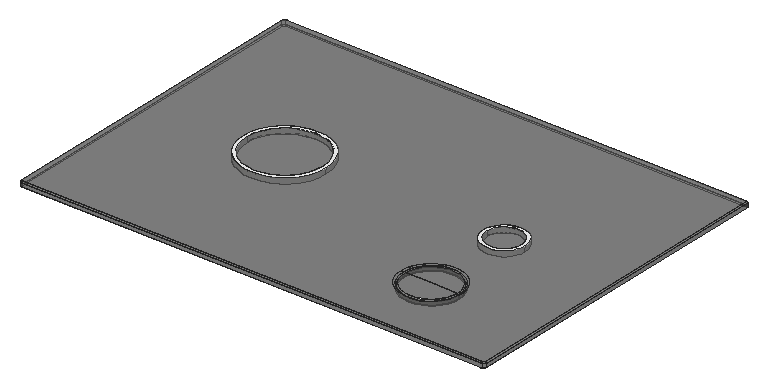
Revit family "Accessory-Flush_Actuator_Plate-KOHLER-Summon-K-24147T_1", category Specialty Equipment, host Face, Revit 2021
Family settings
  Host = Face
  Round Connector Dimension = Use Diameter
  Part Type = Normal
  OmniClass Number = 23.31.25.00
  OmniClass Title = Toilet and Bath Specialties
  Cut with Voids When Loaded = No
  Shared = No
  Room Calculation Point = No
Parameters (values of type "7-Black Black")
  Width = 0.11811"  # constant formula
  WaterSense Certified = 1 = 0  # no
  Voltage = 220 V  # constant formula
  URL = "http://www.kohler.com.cn/"
  Type = 1
  Product Page URL = ""
  Product Name = "Summon"  # constant formula
  Product Documentation Link = ""
  Model = "K-24147T-7"  # constant formula
  Material = "Glass"  # constant formula
  Master Format 2014 Name = "Toilet, Bath, and Laundry Accessories"  # constant formula
  Master Format 2014 = "10 28 00"  # constant formula
  Manufacturer Address = "Kohler Beijing Office (100016) 36-2-03-B, No. 88, Liuxiang Road, Beijing"  # constant formula
  Manufacturer = "Kohler Co."  # constant formula
  Length = 8.85827"  # constant formula
  Height = 6.29921"  # constant formula
  Finish = Kohler-Glass-7-Black_Black
  Environmental Product Declaration = ""
  Electrical Note = "One dedicated Circuit Required"  # constant formula
  Electrical Connector = 1 = 1  # yes
  Description = "Sensor Faceplate AC with Music"  # constant formula
  Default Elevation = 42"
  Declare Label = ""
  Date Modified = "08/04/2022"  # constant formula
  Date Created = "08/04/2022"  # constant formula
  Copyright = "Copyright Kohler Co."  # constant formula
  Contact Us = "http://www.kohler.com.cn/contact/contact-us/"
  Assembly Code = "C1030200"
  Apparent Load = 8 VA  # constant formula
  ADA Compliant = 1 = 0  # no
Reference planes (in)
  plane 1 "Center (Front/Back)": y = 0
  plane 2: z = 0
  plane 3 "Center (Left/Right)": x = 0
  plane 4: y = 3.14961
  plane 5: x = -4.42913
  plane 6: y = -3.14961
  plane 7: x = 4.42913
  plane 8: z = 0.11811
  plane 9: y = -1.73228
  plane 10: x = 2.28208
  plane 11: x = -1.89114
Dimensions and locks (in)
  "Length": plane 5 to plane 7
  "Height": plane 4 to plane 6
  "Width": plane 8 to level
  locked: plane 6 to plane 9 at 1.41732
  locked: plane 9 to plane 1 "Center (Front/Back)" at 1.73228
  locked: plane 10 to plane 7 at 2.14705
  plane 11 to plane 10 = 4.17323"
  plane 6 to plane 1 "Center (Front/Back)" = 3.14961"
  aligned and locked: plane 2 to host face
  aligned and locked: level to host face
  aligned and locked: plane 3 "Center (Left/Right)" to nested 1
  aligned and locked: plane 1 "Center (Front/Back)" to nested 1
Automatic sketch dimensions
  host sketch curve to host sketch curve = 96"  (x2)
Nested families (in)
  nested 1: "K-24147T" at (0, 0, 0), type "K-24147T"
Connectors (in)
  electrical at (0.0001, 0.0001, 0), driven by "Voltage", driven by "Apparent Load", driven by "Apparent Load", driven by "Electrical Connector", driven by "Electrical Note"
    settings: on nested 1, index 1, voltage 220 V, apparent load 8 VA, apparent load phase1 8 VA, apparent load phase2 0 VA, apparent load phase3 0 VA, power factor 1, load classification "Power", number of poles 1, system type 30, power factor state 1, is connector primary yes, connector utility yes, sub classification motor no, connector description "One dedicated Circuit Required"
Definition of nested family "K-24147T"
  Parameters
    Material = none
    Default Elevation = 0"
  Reference planes (in)
    plane 1 "Center (Front/Back)": y = 0
    plane 2: z = 0
    plane 3 "Center (Left/Right)": x = 0
    plane 4: x = -4.42913
    plane 5: x = 4.42913
    plane 6: y = 3.14961
    plane 7: y = -3.14961
    plane 8: x = -1.89114
    plane 9: x = 2.28208
    plane 10: z = 0.11811
    plane 11 "1": y = -1.73228
    plane 12 "2": x = 2.28346
  Forms (in)
    Sweep 1, solid, material <- "Material", detail levels medium+fine
      path origin (0, 0, 0) x (1, 0, 0) y (0, 1, 0)
        loop
          line (4.3911, 3.14961) -> (-4.38841, 3.14961) -> (-4.42913, 3.10888) -> (-4.42913, -3.11081) -> (-4.39033, -3.14961) -> (4.38841, -3.14961) -> (4.42913, -3.10888) -> (4.42913, 3.11157) -> (4.3911, 3.14961)
      profile origin (0.00135, 3.14961, 0) x (0, -1, 0) y (0, 0, 1)
        loop
          line (0, 0.02005) -> (0.02389, 0) -> (0.06451, 0) -> (0.06451, 0.11811) -> (0.02389, 0.11811) -> (0, 0.09806) -> (0, 0.02005)
    Extrusion 2, solid, material <- "Material", detail levels medium+fine
      sketch origin (0, 0, 0) x (1, 0, 0) y (0, 1, 0)
        loop
          line (4.36463, 3.0851) -> (-4.36463, 3.0851) -> (-4.36463, -3.0851) -> (4.36463, -3.0851) -> (4.36463, 3.0851)
      from 0 to 0.11811
    Extrusion 3, solid, material <- "Material", detail levels coarse
      sketch origin (0, 0, 0) x (1, 0, 0) y (0, 1, 0)
        loop
          line (-4.42913, 3.14961) -> (-4.42913, -3.14961) -> (4.42913, -3.14961) -> (4.42913, 3.14961) -> (-4.42913, 3.14961)
      from 0 to 0.11811
    Revolve 4, void
      sketch origin (0, -1.73228, 0) x (1, 0, 0) y (0, 0, 1)
        loop
          line (2.28346, 0.01395) -> (2.82268, 0.01395) -> (2.82268, 0.09806) -> (2.85741, 0.11811) -> (2.85741, 0.21812) -> (2.28346, 0.21812) -> (2.28346, 0.01395)
        axis (2.28346, 0.21812) -> (2.28346, 0.01395)
      angle from 0 to 360
    Revolve 5, solid, material <- "Material", detail levels medium+fine
      sketch origin (0, -1.73228, 0) x (1, 0, 0) y (0, 0, 1)
        loop
          line (2.28346, 0.00091) -> (2.79899, 0.00091) -> (2.79899, 0.08508) -> (2.78125, 0.11042) -> (2.28346, 0.11042) -> (2.28346, 0.00091)
        axis (2.28346, 0.11042) -> (2.28346, 0.00091)
      angle from 0 to 360
    Extrusion 6, void
      sketch origin (0, 0, 0) x (1, 0, 0) y (0, 1, 0)
        loop
          circle (2.28208, 0) r 0.3937
        loop
          circle (2.28208, 0) r 0.3334
        loop
          circle (-1.89114, 0) r 0.7874
        loop
          circle (-1.89114, 0) r 0.72545
      from 0.02005 to 0.35352
    Extrusion 7, solid, material <- "Material", detail levels coarse
      sketch origin (0, 0, 0) x (1, 0, 0) y (0, 1, 0)
        loop
          circle (2.28346, -1.73228) r 0.51553
      from 0.00324 to 0.11811
    Extrusion 8, solid, detail levels medium+fine
      sketch origin (0, 0, 0) x (1, 0, 0) y (0, 1, 0)
        loop
          circle (-1.89114, 0) r 0.7874
        loop
          circle (-1.89114, 0) r 0.72545
        loop
          circle (2.28208, 0) r 0.3937
        loop
          circle (2.28208, 0) r 0.3334
      from 0.02005 to 0.11811
  Cuts and joins
    Revolve 4, Extrusion 6 cuts Sweep 1
    Revolve 4, Extrusion 6 cuts Extrusion 2
    joined: Sweep 1, Extrusion 2, Revolve 5
    Revolve 4, Extrusion 6 cuts Extrusion 3
    joined: Extrusion 3, Extrusion 7
  Lines and regions (in)
    Masking region 1
      outline origin (0, 0, 0) x (1, 0, 0) y (0, 1, 0)
        loop
          line (4.40362, 3.14961) -> (-4.40362, 3.14961) -> (-4.42913, 3.12409) -> (-4.42913, -3.12409) -> (-4.40362, -3.14961) -> (4.40362, -3.14961) -> (4.42913, -3.12409) -> (4.42913, 3.12409) -> (4.40362, 3.14961)
    Masking region 2
      outline origin (0, 0, 0) x (1, 0, 0) y (0, 0, 1)
        loop
          line (-4.40544, 0.11811) -> (-4.42913, 0.09442) -> (-4.42913, 0.02389) -> (-4.40524, 0) -> (4.40524, 0) -> (4.42913, 0.02389) -> (4.42913, 0.09422) -> (4.40524, 0.11811) -> (-4.40544, 0.11811)
    Masking region 3
      outline origin (0, 0, 0) x (0, 1, 0) y (0, 0, 1)
        loop
          line (3.12737, 0.11811) -> (-3.12737, 0.11811) -> (-3.14961, 0.09587) -> (-3.14961, 0.02224) -> (-3.12737, 0) -> (3.12737, 0) -> (3.14961, 0.02224) -> (3.14961, 0.09587) -> (3.12737, 0.11811)
    symbolic lines, detail levels medium+fine
      curve 1: line (-4.38976, 3.08035, 0) -> (-4.38976, -3.08035, 0)
      curve 2: line (-4.35988, -3.11024, 0) -> (4.35988, -3.11024, 0)
      curve 3: line (4.38976, -3.08035, 0) -> (4.38976, 3.08035, 0)
      curve 4: line (4.35988, -3.11024, 0) -> (4.38976, -3.08035, 0)
      curve 5: line (-4.35988, -3.11024, 0) -> (-4.38976, -3.08035, 0)
      curve 6: line (-4.35988, 3.11024, 0) -> (-4.38976, 3.08035, 0)
      curve 7: line (4.35988, 3.11024, 0) -> (4.38976, 3.08035, 0)
      curve 8: line (4.35988, 3.11024, 0) -> (-4.35988, 3.11024, 0)
      curve 9: circle (-1.89114, 0, 0) r 0.7874 normal (0, 0, 1)
      curve 10: circle (-1.89114, 0, 0) r 0.72545 normal (0, 0, 1)
      curve 11: circle (2.28208, 0, 0) r 0.3937 normal (0, 0, 1)
      curve 12: circle (2.28208, 0, 0) r 0.3334 normal (0, 0, 1)
      curve 13: line (4.42913, 0, 0.09422) -> (-4.42913, 0, 0.09422)
      curve 14: line (4.42913, 0, 0.02389) -> (-4.42913, 0, 0.02389)
      curve 15: line (0, -3.14961, 0.09587) -> (0, 3.14961, 0.09587)
      curve 16: line (0, -3.14961, 0.02224) -> (0, 3.14961, 0.02224)
      curve 17: circle (2.28346, -1.73228, 0) r 0.55118 normal (0, 0, 1)
      curve 18: circle (2.28346, -1.73228, 0) r 0.54331 normal (0, 0, 1)
      curve 19: circle (2.28346, -1.73228, 0) r 0.53543 normal (0, 0, 1)
  Dimensions and locks (in)
    locked: plane 4 to plane 5 at 8.85827
    locked: plane 7 to plane 6 at 6.29921
    locked: plane 8 to plane 9 at 4.17323
    locked: plane 5 to plane 4 at 8.85827
    locked: plane 6 to plane 7 at 6.29921
    locked: plane 10 to level at 0.11811  (x2)
    locked: plane 11 "1" to plane 1 "Center (Front/Back)" at 1.73228
    locked: plane 7 to plane 11 "1" at 1.41732
    locked: plane 12 "2" to plane 5 at 2.14567
    aligned and locked: plane 2 to level
